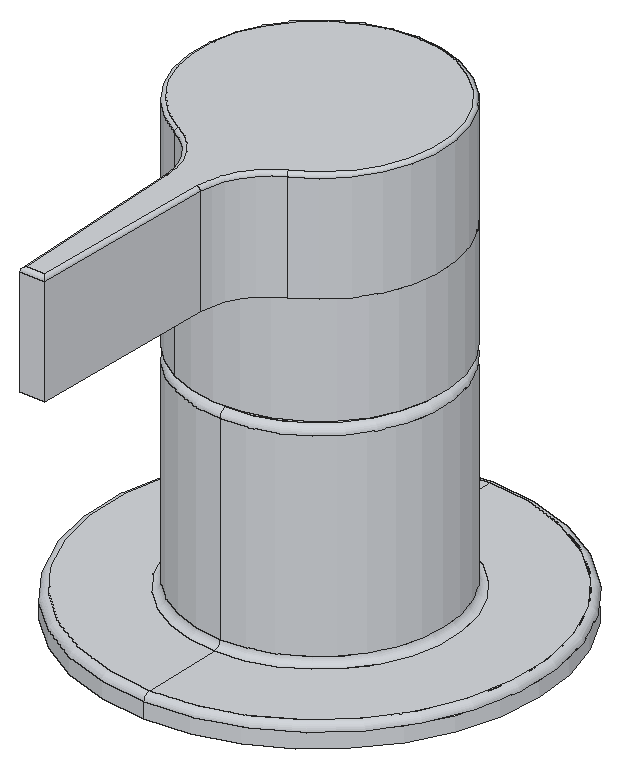
Revit family "Shower-Valve_Trim-KOHLER-TAUT-K-T97098BR_1", category Specialty Equipment, host Face, Revit 2017
Family settings
  Host = Face
  Round Connector Dimension = Use Diameter
  Part Type = Normal
  OmniClass Number = 23.31.25.00
  OmniClass Title = Toilet and Bath Specialties
  Cut with Voids When Loaded = No
  Shared = No
  Room Calculation Point = No
Parameters (values of type "CP-Polished Chorme")
  Width = 2 93/256"  # constant formula
  WaterSense Certified = 1 = 0  # no
  URL = "https://br.kohler.com/"
  Type = 1
  Product Page URL = "https://br.kohler.com/product-detail/t97098br-4?skuid=K-T97098BR-4-CP"
  Product Name = "TAUT"  # constant formula
  Product Documentation Link = ""
  Model = "K-T97098BR-4-CP"  # constant formula
  Material = "Premium Metal Construction"  # constant formula
  Master Format 2014 Name = "Toilet, Bath, and Laundry Accessories"  # constant formula
  Master Format 2014 = "10 28 00"  # constant formula
  Manufacturer Address = "Rio de Janeiro MULTIREPAROS RUA BATISTA DA COSTA, Nº 352 | STORE B Rio de Janeiro SÃO GONÇALO 24450-470"  # constant formula
  Manufacturer = "KOHLER Co."  # constant formula
  Length = 2 123/256"  # constant formula
  Height = 2.3622"  # constant formula
  Handle Clearance = 1.92913"  # constant formula
  Finish = Kohler-Metal-CP-Polished_Chrome
  Environmental Product Declaration = ""
  Description = "Finish for pressure/drawer records"  # constant formula
  Default Elevation = 42"
  Declare Label = ""
  Date Modified = "1/22/2021"  # constant formula
  Date Created = "1/22/2021"  # constant formula
  Copyright = "Copyright KOHLER Co."  # constant formula
  Contact Us = "https://br.kohler.com/asr-listing"
  Assembly Code = "C1030200"
  ADA Compliant = 1 = 0  # no
Reference planes (in)
  plane 1 "Center (Front/Back)": y = 0
  plane 2: z = 0
  plane 3 "Center (Left/Right)": x = 0
  plane 4: x = 1.1811
  plane 5: x = -1.18218
  plane 6: y = 1.18024
  plane 7: y = -1.18196
  plane 8: y = -1.92913
  plane 9: z = 2.48047
  plane 10: z = 0.11811
Dimensions and locks (in)
  "Width": plane 5 to plane 4
  "Height": plane 7 to plane 6
  "Length": level to plane 9
  "Handle Clearance": plane 1 "Center (Front/Back)" to plane 8
  aligned and locked: plane 2 to host face
  aligned and locked: level to host face
Automatic sketch dimensions
  host sketch curve to host sketch curve = 96"  (x2)
Nested families (in)
  nested 1: "K-T97098BR" at (0, 0, 0), type "K-T97098BR"
Definition of nested family "K-T97098BR"
  Parameters (values of type "K-T97098BR")
    Material = none
  Reference planes (in)
    plane 1 "Center (Front/Back)": y = 0
    plane 2: z = 0
    plane 3 "Center (Left/Right)": x = 0
    plane 4: x = -1.1811
    plane 5: x = 1.1811
    plane 6: y = 1.1811
    plane 7: y = -1.1811
    plane 8: y = -1.92913
    plane 9: z = 2.48031
    plane 10: y = 0.66923
  Forms (in)
    Revolve 1, solid, material <- "Material", detail levels medium+fine
      sketch origin (0, 0, 0) x (0, 1, 0) y (0, 0, 1)
        loop
          line (0, 0) -> (1.1811, 0) -> (1.1811, 0.07874)
          arc (1.1811, 0.07874) -> (1.16957, 0.10658) -> (1.14173, 0.11811) r 0.03937
          line (1.14173, 0.11811) -> (0.7086, 0.11811)
          arc (0.7086, 0.11811) -> (0.68076, 0.12964) -> (0.66923, 0.15748) r 0.03937
          line (0.66923, 0.15748) -> (0.66923, 1.22047)
          arc (0.66923, 1.22047) -> (0.6577, 1.24831) -> (0.62986, 1.25984) r 0.03937
          line (0.62986, 1.25984) -> (0.59049, 1.25984) -> (0.59049, 1.29102) -> (0, 1.29102) -> (0, 0)
        axis (0, 1.29102) -> (0, 0)
      angle from 0 to 360
    Extrusion 2, solid, material <- "Material", detail levels medium+fine
      sketch origin (0, 0, 0) x (1, 0, 0) y (0, 1, 0)
        loop
          line (-0.0176, -1.87992) -> (0.0176, -1.87992) -> (0.04481, -0.92397)
          arc (0.04481, -0.92397) -> (0.11165, -0.70489) -> (0.28089, -0.55053) r 0.43307
          arc (0.28089, -0.55053) -> (0, 0.61805) -> (-0.28089, -0.55053) r 0.61805
          arc (-0.28089, -0.55053) -> (-0.11165, -0.70489) -> (-0.04481, -0.92397) r 0.43307
          line (-0.04481, -0.92397) -> (-0.0176, -1.87992)
      from 1.88043 to 2.48031
    Sweep 3, solid, material <- "Material", detail levels medium+fine
      path in 3D
        loop
          arc (0.28089, -0.55053, 2.48031) -> (0.11165, -0.70489, 2.48031) -> (0.04481, -0.92397, 2.48031) r 0.43307
          line (0.04481, -0.92397, 2.48031) -> (0.0176, -1.87992, 2.48031) -> (-0.0176, -1.87992, 2.48031) -> (-0.04481, -0.92397, 2.48031)
          arc (-0.04481, -0.92397, 2.48031) -> (-0.11165, -0.70489, 2.48031) -> (-0.28089, -0.55053, 2.48031) r 0.43307
          arc (-0.28089, -0.55053, 2.48031) -> (0, 0.61805, 2.48031) -> (0.28089, -0.55053, 2.48031) r 0.61805
      profile origin (0, 0.61805, 2.48031) x (0, 1, 0) y (0, 0, 1)
        loop
          line (0, 0) -> (0, -0.59988) -> (0.05118, -0.59988) -> (0.05118, -0.02008)
          arc (0.05118, -0.02008) -> (0.0453, -0.00588) -> (0.0311, 0) r 0.02008
          line (0.0311, 0) -> (0, 0)
    Revolve 4, solid, material <- "Material", detail levels medium+fine
      sketch origin (0, 0, 0) x (0, 1, 0) y (0, 0, 1)
        loop
          line (0.67295, 1.79024) -> (0.67295, 1.91973)
          arc (0.67295, 1.91973) -> (0.66668, 1.93487) -> (0.65155, 1.94113) r 0.0214
          line (0.65155, 1.94113) -> (0.59972, 1.94113) -> (0.59972, 1.79024) -> (0.67295, 1.79024)
        axis (0.59972, 1.79024) -> (0.67295, 1.79024)
      angle from 0 to 360
    Extrusion 5, solid, material <- "Material", detail levels medium+fine
      sketch origin (0, 0, 0) x (1, 0, 0) y (0, 1, 0)
        loop
          circle (0, 0) r 0.66923
      from 1.29102 to 1.88043
    Revolve 6, solid, material <- "Material", detail levels coarse
      sketch origin (0, 0, 0) x (0, 1, 0) y (0, 0, 1)
        loop
          line (0, 0) -> (0, 0.11811) -> (0, 2.48031) -> (-0.67174, 2.48031) -> (-0.67174, 0.11811) -> (-1.1811, 0.11811) -> (-1.1811, 0) -> (0, 0)
        axis (0, 0) -> (0, 2.48031)
      angle from 0 to 360
    Extrusion 7, solid, material <- "Material", detail levels coarse
      sketch origin (0, 0, 0) x (0, 1, 0) y (0, 0, 1)
        loop
          line (-1.9311, 1.88043) -> (-0.13065, 1.88043) -> (-0.13065, 2.48031) -> (-1.9311, 2.48031) -> (-1.9311, 1.88043)
      from -0.11811 to 0.11811
  Cuts and joins
    joined: Revolve 1, Extrusion 2, Sweep 3, Extrusion 5
    joined: Revolve 6, Extrusion 7
  Lines and regions (in)
    Masking region 1
      outline origin (0, 0, 0) x (1, 0, 0) y (0, 1, 0)
        loop
          arc (0.08879, -1.17776) -> (0, 1.1811) -> (-0.08879, -1.17776) r 1.1811
          line (-0.08879, -1.17776) -> (-0.06805, -1.90618)
          arc (-0.06805, -1.90618) -> (-0.06091, -1.92245) -> (-0.04444, -1.92913) r 0.02362
          line (-0.04444, -1.92913) -> (0.04554, -1.92913)
          arc (0.04554, -1.92913) -> (0.06122, -1.92277) -> (0.06802, -1.90728) r 0.02249
          line (0.06802, -1.90728) -> (0.08879, -1.17776)
    Masking region 2
      outline origin (0, 0, 0) x (1, 0, 0) y (0, 0, 1)
        loop
          line (-0.7086, 0.11811) -> (-1.14173, 0.11811)
          arc (-1.14173, 0.11811) -> (-1.16957, 0.10658) -> (-1.1811, 0.07874) r 0.03937
          line (-1.1811, 0.07874) -> (-1.1811, 0) -> (1.1811, 0) -> (1.1811, 0.07874)
          arc (1.1811, 0.07874) -> (1.16957, 0.10658) -> (1.14173, 0.11811) r 0.03937
          line (1.14173, 0.11811) -> (0.7086, 0.11811)
          arc (0.7086, 0.11811) -> (0.68076, 0.12964) -> (0.66923, 0.15748) r 0.03937
          line (0.66923, 0.15748) -> (0.66923, 1.22047)
          arc (0.66923, 1.22047) -> (0.6577, 1.24831) -> (0.62986, 1.25984) r 0.03937
          line (0.62986, 1.25984) -> (0.59049, 1.25984) -> (0.59049, 1.29102) -> (0.66923, 1.29102) -> (0.66923, 2.45669)
          arc (0.66923, 2.45669) -> (0.66231, 2.4734) -> (0.64561, 2.48031) r 0.02362
          line (0.64561, 2.48031) -> (-0.64561, 2.48031)
          arc (-0.64561, 2.48031) -> (-0.66231, 2.4734) -> (-0.66923, 2.45669) r 0.02362
          line (-0.66923, 2.45669) -> (-0.66923, 1.29102) -> (-0.59049, 1.29102) -> (-0.59049, 1.25984) -> (-0.62986, 1.25984)
          arc (-0.62986, 1.25984) -> (-0.6577, 1.24831) -> (-0.66923, 1.22047) r 0.03937
          line (-0.66923, 1.22047) -> (-0.66923, 0.15748)
          arc (-0.66923, 0.15748) -> (-0.68076, 0.12964) -> (-0.7086, 0.11811) r 0.03937
    Masking region 3
      outline origin (0, 0, 0) x (0, 1, 0) y (0, 0, 1)
        loop
          arc (0.7086, 0.11811) -> (0.68076, 0.12964) -> (0.66923, 0.15748) r 0.03937
          line (0.66923, 0.15748) -> (0.66923, 1.22047)
          arc (0.66923, 1.22047) -> (0.6577, 1.24831) -> (0.62986, 1.25984) r 0.03937
          line (0.62986, 1.25984) -> (0.59049, 1.25984) -> (0.59049, 1.29102) -> (0.66923, 1.29102) -> (0.66923, 1.62923)
          arc (0.66923, 1.62923) -> (0.67202, 1.64462) -> (0.67296, 1.66024) r 0.13084
          line (0.67296, 1.66024) -> (0.67296, 1.91957)
          arc (0.67296, 1.91957) -> (0.67202, 1.93676) -> (0.66923, 1.95376) r 0.15863
          line (0.66923, 1.95376) -> (0.66923, 2.46024)
          arc (0.66923, 2.46024) -> (0.66335, 2.47443) -> (0.64915, 2.48031) r 0.02008
          line (0.64915, 2.48031) -> (-1.90906, 2.48031)
          arc (-1.90906, 2.48031) -> (-1.92325, 2.47443) -> (-1.92913, 2.46024) r 0.02008
          line (-1.92913, 2.46024) -> (-1.92913, 1.8804) -> (-0.70414, 1.85902)
          arc (-0.70414, 1.85902) -> (-0.67942, 1.84839) -> (-0.66923, 1.82349) r 0.03553
          line (-0.66923, 1.82349) -> (-0.66923, 1.29102) -> (-0.59049, 1.29102) -> (-0.59049, 1.25984) -> (-0.62986, 1.25984)
          arc (-0.62986, 1.25984) -> (-0.6577, 1.24831) -> (-0.66923, 1.22047) r 0.03937
          line (-0.66923, 1.22047) -> (-0.66923, 0.15748)
          arc (-0.66923, 0.15748) -> (-0.68076, 0.12964) -> (-0.7086, 0.11811) r 0.03937
          line (-0.7086, 0.11811) -> (-1.14173, 0.11811)
          arc (-1.14173, 0.11811) -> (-1.16957, 0.10658) -> (-1.1811, 0.07874) r 0.03937
          line (-1.1811, 0.07874) -> (-1.1811, 0) -> (1.1811, 0) -> (1.1811, 0.07874)
          arc (1.1811, 0.07874) -> (1.16957, 0.10658) -> (1.14173, 0.11811) r 0.03937
          line (1.14173, 0.11811) -> (0.7086, 0.11811)
    sketch lines
      curve 1: arc (-0.28089, -0.55053, 2.48031) -> (0, 0.61805, 2.48031) -> (0.28089, -0.55053, 2.48031) r 0.61805
      curve 2: arc (0.28089, -0.55053, 2.48031) -> (0.11165, -0.70489, 2.48031) -> (0.04481, -0.92397, 2.48031) r 0.43307
      curve 3: line (0.0176, -1.87992, 2.48031) -> (0.04481, -0.92397, 2.48031)
      curve 4: line (-0.0176, -1.87992, 2.48031) -> (0.0176, -1.87992, 2.48031)
      curve 5: line (-0.04481, -0.92397, 2.48031) -> (-0.0176, -1.87992, 2.48031)
      curve 6: arc (-0.04481, -0.92397, 2.48031) -> (-0.11165, -0.70489, 2.48031) -> (-0.28089, -0.55053, 2.48031) r 0.43307
    symbolic lines, detail levels medium+fine
      curve 7: arc (0.30415, -0.59612, 0) -> (0.15491, -0.73223, 0) -> (0.09597, -0.92543, 0) r 0.38189
      curve 8: line (0.08276, -1.38953, 0) -> (0.09597, -0.92543, 0)
      curve 9: line (-0.09597, -0.92543, 0) -> (-0.08224, -1.40794, 0)
      curve 10: arc (-0.09597, -0.92543, 0) -> (-0.15491, -0.73223, 0) -> (-0.30415, -0.59612, 0) r 0.38189
      curve 11: arc (-0.15129, 0.65191, 0) -> (-0.66427, 0.08136, 0) -> (-0.30415, -0.59612, 0) r 0.66923
      curve 12: line (-0.12944, 0.67295, 0) -> (0.12944, 0.67295, 0)
      curve 13: arc (-0.15129, 0.65191, 0) -> (-0.14461, 0.66683, 0) -> (-0.12944, 0.67295, 0) r 0.02186
      curve 14: arc (0.15129, 0.65191, 0) -> (0.66427, 0.08136, 0) -> (0.30415, -0.59612, 0) r 0.66923
      curve 15: arc (0.15129, 0.65191, 0) -> (0.14461, 0.66683, 0) -> (0.12944, 0.67295, 0) r 0.02186
      curve 16: arc (-0.15129, 0.65191, 0) -> (0, 0.66923, 0) -> (0.15129, 0.65191, 0) r 0.66923
      curve 17: arc (0.08992, -1.13819, 0) -> (0, 1.14173, 0) -> (-0.08992, -1.13819, 0) r 1.14173
      curve 18: arc (0.29341, -0.57508, 0) -> (0, 0.64561, 0) -> (-0.29341, -0.57508, 0) r 0.64561
      curve 19: arc (-0.29341, -0.57508, 0) -> (-0.13494, -0.71961, 0) -> (-0.07236, -0.92476, 0) r 0.40551
      curve 20: line (-0.07236, -0.92476, 0) -> (-0.05863, -1.40727, 0)
      curve 21: line (-0.06518, -1.17709, 0) -> (-0.04377, -1.92913, 0)
      curve 22: line (0.04377, -1.92913, 0) -> (0.06518, -1.17709, 0)
      curve 23: line (0.05915, -1.38886, 0) -> (0.07236, -0.92476, 0)
      curve 24: arc (0.07236, -0.92476, 0) -> (0.13494, -0.71961, 0) -> (0.29341, -0.57508, 0) r 0.40551
      curve 25: line (-0.06805, -1.90618, 0) -> (0.06805, -1.90618, 0)
      curve 26: line (-0.66923, 0, 1.29102) -> (0.66923, 0, 1.29102)
      curve 27: line (-0.59049, 0, 1.25984) -> (0.59061, 0, 1.25984)
      curve 28: line (-0.66923, 0, 1.22047) -> (0.66923, 0, 1.22047)
      curve 29: line (-0.84301, 0, 0.11811) -> (0.92517, 0, 0.11811)
      curve 30: line (-0.66923, 0, 0.15748) -> (0.66923, 0, 0.15748)
      curve 31: line (-1.1811, 0, 0.07874) -> (1.1811, 0, 0.07874)
      curve 32: line (-0.66923, 0, 2.45669) -> (0.66923, 0, 2.45669)
      curve 33: line (0, 0.66923, 2.46024) -> (0, -1.92913, 2.46024)
      curve 34: line (0, -1.90906, 2.48031) -> (0, -1.90906, 1.88043)
      curve 35: line (0, -0.70414, 1.85902) -> (0, -0.50729, 1.85902)
      curve 36: arc (0, -0.50729, 1.85902) -> (0, -0.59019, 1.85003) -> (0, -0.66923, 1.82349) r 0.38682
      curve 37: line (0, 0.66923, 1.29102) -> (0, -0.66923, 1.29102)
      curve 38: line (0, 0.59049, 1.25984) -> (0, -0.62986, 1.25984)
      curve 39: line (0, 0.66923, 1.22047) -> (0, -0.66923, 1.22047)
      curve 40: line (0, 0.7086, 0.11811) -> (0, -0.8662, 0.11811)
      curve 41: line (0, 0.66923, 0.15748) -> (0, -0.66923, 0.15748)
      curve 42: line (0, 1.1811, 0.07874) -> (0, -1.1811, 0.07874)
      curve 43: line (0, 0.66923, 1.9791) -> (0, 0.66923, 1.5854)
  Dimensions and locks (in)
    plane 4 to plane 5 = 2.3622"
    plane 6 to plane 7 = 2.3622"
    plane 1 "Center (Front/Back)" to plane 8 = 1.92913"
    plane 9 to level = 2.48031"
    aligned and locked: plane 2 to level
